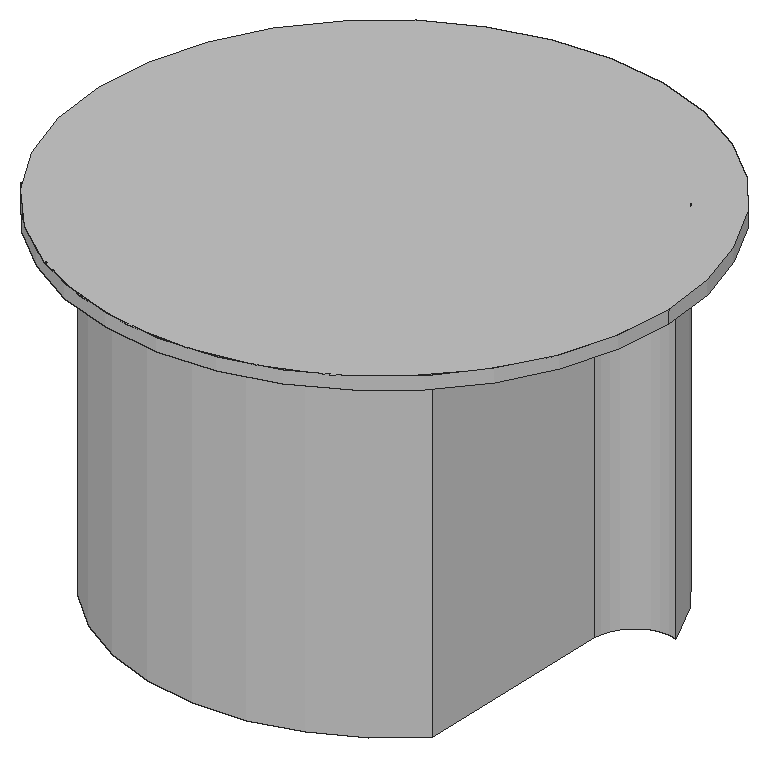
Revit family "Electronics_Desono_Biamp_Ceiling-Loudspeaker_CM30DTD", category Communication Devices, host Face, Revit 2020
Family settings
  Host = Face
  Maintain Annotation Orientation = No
  Round Connector Dimension = Use Diameter
  Part Type = Normal
  OmniClass Number = 23.85.10.11.14.14.14
  OmniClass Title = Loudspeakers
  Cut with Voids When Loaded = No
  Shared = No
  Room Calculation Point = No
Parameters (values of type "CM30DTD")
  Weight = 5.50 lbf  # constant formula
  URL = "https://www.biamp.com/"
  Transformer = "70V: 30W, 15W, 7.5W, 3.75W, 1.75W; 100V: 30W, 15W, 7.5W, 3.75W"  # constant formula
  Transducers = "LF 1 x 4.25 (108 mm) polypropylene cone HF 1 x 1 (25 mm) soft dome"  # constant formula
  Tile Bridge [instance] = no
  Shipping Weight = 8.70 lbf  # constant formula
  Safety Features = "2 hang points"  # constant formula
  Recommended Amplifers = "50W - 100W @ 16Ω (28V - 40V)"  # constant formula
  Protection = "3-step self-resetting protection"  # constant formula
  Product data url = "https://www.bimobject.com/biamp/product/cm30dtd_desono-ceiling"
  Product Page URL = "https://www.biamp.com/products/product-families/desono/ceiling-loudspeakers#cm30dtd"
  Product Documentation Link = "https://downloads.biamp.com/assets/docs/default-source/data-sheets/biamp_data_sheet_desono_cm30dtd_oct21.pdf"
  Operating Range (-10dB) = "85 Hz to 22 kHz"  # constant formula
  Operating Mode = "Passive"  # constant formula
  Operating Environment = "Indoor"  # constant formula
  Nominal Sensitivity @ 1m = "1W - 87dB;2.83V - 83dB"  # constant formula
  Nominal Maximum SPL @ 1m = "Peak - 110dB; Continuous - 104dB"  # constant formula
  Nominal Beamwidth  (H x V) = "120° conical"  # constant formula
  Nom ceiling thikness [instance] = if(or(Ceiling Thickness < 0' 0 1/4", Ceiling Thickness = 0' 0 1/4"), 0' 0 1/4", if(and(Ceiling Thickness > 0' 0 1/4", Ceiling Thickness < 0' 5"), Ceiling Thickness, if(or(Ceiling Thickness > 0' 5", Ceiling Thickness = 0' 5"), 0' 5", 0' 0")))  # 0' - 0 1/4"
  Mounting Provisions = "2 mounting clamps with grip range of 0.2 - 2.6 (3 - 65 mm);Cover plate with 0.75 (22 mm) NPT knockout for conduit connectors"  # constant formula
  Model = "CM30DTD"  # constant formula
  Manufacturer = "Biamp"  # constant formula
  Input Connection = "(1) 4-way Euroblock connector with permanent pass-through"  # constant formula
  Housing Material = Biamp - Plastic - Gray
  Grill Material = Biamp - Plastic - Gray(Grid)
  Diameter = 0' - 8.77953"  # constant formula
  Description = "Desono™ CM30DTD Two-Way 4.25 Ceiling Loudspeaker"  # constant formula
  Depth = 0' - 3.30709"  # constant formula
  Default Elevation = 4' - 0"
  Cutout Diameter = "7.6 (193 mm)"  # constant formula
  Continuous Power Handling Nominal Impedance = "28V 50W @ 16Ω (200W peak)"  # constant formula
  Connector Description = "4-way Euroblock; Low impedance 16 ohms, 70/100V operation"  # constant formula
  Compliance = "ETL listed to comply with UL 1480A and UL 2043;Certifed to CSA C22.2#62368-1;Suitable for use in air handling spaces per NFPA 70, NFPA 90;Conforms with City of Chicago Codes"  # constant formula
  Ceiling Thickness [instance] = 0' - 0 1/4"
Reference planes (in)
  plane 1 "Center (Front/Back)": y = 0
  plane 2: z = 0
  plane 3 "Center (Left/Right)": x = 0
Forms (in)
  Extrusion 1, solid, material "Biamp - Plastic - Gray(Grid)" <- "Grill Material"
    sketch origin (0, 0, 0) x (1, 0, 0) y (0, 1, 0)
      loop
        circle (0, 0) r 4.38976
    from 0 to 0.19685
  Extrusion 2, solid, material "Biamp - Plastic - Gray" <- "Housing Material", detail levels coarse
    sketch origin (0, 0, 0) x (1, 0, 0) y (0, 1, 0)
      loop
        circle (0, 0) r 3.79921
    from -5.15748 to 0
  Extrusion 3, void
    sketch origin (0, 0, 0) x (1, 0, 0) y (0, 1, 0)
      loop
        line (-0.98425, -0.29528) -> (0.98425, -0.29528) -> (0.98425, 0.29528) -> (-0.98425, 0.29528) -> (-0.98425, -0.29528)
    from -5.4038 to -5.09419
  Extrusion 4, void
    sketch origin (0, 0, 0) x (1, 0, 0) y (0, 1, 0)
      loop
        circle (0, 0) r 3.79921
    from -5.15748 to 0
  Extrusion 5, solid, material "Biamp - Plastic - Gray" <- "Housing Material", detail levels medium+fine
    sketch origin (0, 0, 0) x (1, 0, 0) y (0, 1, 0)
      loop
        arc (3.56434, 1.16746) -> (0.74661, 3.57749) -> (-2.78224, 2.43948) r 3.79921
        line (-2.78224, 2.43948) -> (-2.78224, -0.56249)
        arc (-2.78224, -0.56249) -> (-3.01111, -1.04594) -> (-3.53011, -1.17533) r 0.62503
        arc (-3.53011, -1.17533) -> (-0.75395, -3.61492) -> (2.78224, -2.54063) r 3.79921
        line (2.78224, -2.54063) -> (2.78224, 0.56249)
        arc (2.78224, 0.56249) -> (3.02485, 1.05688) -> (3.56434, 1.16746) r 0.62503
    from -5.15748 to 0
Cuts and joins
  Extrusion 3 cuts Extrusion 1
  Extrusion 3 cuts Extrusion 2
  Extrusion 3 cuts Extrusion 5
Lines and regions (in)
  Masking region 1
    outline origin (0, 0, 0) x (1, 0, 0) y (0, 1, 0)
      loop
        circle (0, 0) r 4.38976
  Masking region 2
    outline origin (0, 0, 0) x (1, 0, 0) y (0, 0, 1)
      loop
        line (-4.38976, 0.19685) -> (-4.38976, 0) -> (4.38976, 0) -> (4.38976, 0.19685) -> (-4.38976, 0.19685)
  Masking region 3
    outline origin (0, 0, 0) x (1, 0, 0) y (0, 0, 1)
      loop
        line (-3.79921, 0) -> (-3.79921, -5.15748) -> (3.79921, -5.15748) -> (3.79921, 0) -> (-3.79921, 0)
  reference lines
    curve 1: line (-59.11543, 0, -0.25) -> (-43.11543, 0, -0.25)
Dimensions and locks (in)
  "Nom ceiling thikness": plane 2 to curve 1
  aligned and locked: plane 2 to host face
  aligned and locked: level to host face
Automatic sketch dimensions
  host sketch curve to host sketch curve = 8' - 0"  (x2)
  plane 1 "Center (Front/Back)" to Extrusion 1 sketch curve = 0' - 0"
  Extrusion 1 sketch curve to plane 3 "Center (Left/Right)" = 0' - 0"
  plane 1 "Center (Front/Back)" to Extrusion 2 sketch curve = 0' - 0"
  Extrusion 2 sketch curve to plane 3 "Center (Left/Right)" = 0' - 0"
  Extrusion 3 sketch curve to plane 1 "Center (Front/Back)" = 0' - 0.29528"
  Extrusion 3 sketch curve to plane 3 "Center (Left/Right)" = 0' - 0.98425"
  plane 3 "Center (Left/Right)" to Extrusion 3 sketch curve = 0' - 0.98425"
  plane 1 "Center (Front/Back)" to Extrusion 3 sketch curve = 0' - 0.29528"
  plane 1 "Center (Front/Back)" to Extrusion 4 sketch curve = 0' - 0"
  Extrusion 4 sketch curve to plane 3 "Center (Left/Right)" = 0' - 0"
  Extrusion 5 sketch curve to plane 3 "Center (Left/Right)" = 0' - 0"
  Extrusion 5 sketch curve to plane 3 "Center (Left/Right)" = 0' - 2.78224"
  Extrusion 5 sketch curve to Extrusion 5 sketch curve = 0' - 0.62503"  (x2)
  plane 3 "Center (Left/Right)" to Extrusion 5 sketch curve = 0' - 0.04921"
  Extrusion 5 sketch curve to plane 1 "Center (Front/Back)" = 0' - 0 9/16"
  Extrusion 5 sketch curve to Extrusion 5 sketch curve = 0' - 2.73302"
  Extrusion 5 sketch curve to plane 1 "Center (Front/Back)" = 0' - 0.09843"
  plane 1 "Center (Front/Back)" to Extrusion 5 sketch curve = 0' - 0.14764"
  plane 1 "Center (Front/Back)" to Extrusion 5 sketch curve = 0' - 0 9/16"
  plane 1 "Center (Front/Back)" to Extrusion 5 sketch curve = 0' - 2.54063"
  Extrusion 5 sketch curve to plane 1 "Center (Front/Back)" = 0' - 2.43948"
  plane 1 "Center (Front/Back)" to Masking region 1 sketch curve = 0' - 0"
  Masking region 1 sketch curve to plane 3 "Center (Left/Right)" = 0' - 0"
  Masking region 2 sketch curve to level = 0' - 0"
  Masking region 2 sketch curve to plane 3 "Center (Left/Right)" = 0' - 4.38976"
  plane 3 "Center (Left/Right)" to Masking region 2 sketch curve = 0' - 4.38976"
  Masking region 2 sketch curve to Masking region 2 sketch curve = 0' - 0.19685"
  Masking region 3 sketch curve to level = 0' - 0"
  Masking region 3 sketch curve to plane 3 "Center (Left/Right)" = 0' - 3.79921"
  plane 3 "Center (Left/Right)" to Masking region 3 sketch curve = 0' - 3.79921"
  Masking region 3 sketch curve to level = 0' - 5.15748"
  curve 1 to plane 3 "Center (Left/Right)" = 4' - 11.11543"
  curve 1 to curve 1 = 1' - 4"
  radius of Extrusion 1 sketch curve = 0' - 4.38976"
  radius of Extrusion 2 sketch curve = 0' - 3.79921"
  radius of Extrusion 4 sketch curve = 0' - 3.79921"
  radius of Masking region 1 sketch curve = 0' - 4.38976"
Nested families (in)
  nested 1: "Tile rail" at (-4.16895, 0, -0.25) x (1, 0, 0) z (0, 0, -1), visible <- "Tile Bridge", type "Tile rail"
    with Housing Material Biamp - Metal - Silver
  nested 2: "Tile rail" at (4.16895, 0, -0.25) x (1, 0, 0) z (0, 0, -1), visible <- "Tile Bridge", type "Tile rail"
    with Housing Material Biamp - Metal - Silver
  nested 3: "Tile rail spaser" at (0, 6.34252, -0.30906) x (0, -1, 0) z (0, 0, -1), visible <- "Tile Bridge", type "Tile rail spaser"
    with Housing Material Biamp - Metal - Silver
  nested 4: "Tile rail spaser" at (0, -6.34252, -0.30906) x (0, -1, 0) z (0, 0, -1), visible <- "Tile Bridge", type "Tile rail spaser"
    with Housing Material Biamp - Metal - Silver
Connectors (in)
  electrical at (0, 0, -5.09419), driven by "Connector Description"
    settings: on cut or joined group of Extrusion 2, Extrusion 3, index 1, voltage 0 V, apparent load 0 VA, apparent load phase1 0 VA, apparent load phase2 0 VA, apparent load phase3 0 VA, power factor 1, load classification "Other", number of poles 1, system type 5, power factor state 1, is connector primary yes, connector utility no, sub classification motor no, connector description "4-way Euroblock; Low impedance 16 ohms, 70/100V operation"
Definition of nested family "Tile rail"
  Parameters (values of type "Tile rail")
    Housing Material [instance] = none
    Height = 0' - 0"
    Default Elevation = 4' - 0"
  Reference planes (in)
    plane 1 "Center (Front/Back)": y = 0
    plane 2: z = 0
    plane 3 "Center (Left/Right)": x = 0
  Forms (in)
    Extrusion 1, solid, material <- "Housing Material"
      sketch origin (0, 0, 0) x (0, 1, 0) y (0, 0, 1)
        loop
          line (11.77165, 0) -> (11.77165, 1.24632)
          arc (11.77165, 1.24632) -> (11.78715, 1.28372) -> (11.82455, 1.29921) r 0.0529
          line (11.82455, 1.29921) -> (12.21564, 1.29921)
          arc (12.21564, 1.29921) -> (12.24968, 1.28511) -> (12.26378, 1.25107) r 0.04814
          line (12.26378, 1.25107) -> (12.26378, 1.05307) -> (12.34252, 1.05307) -> (12.34252, 1.32954)
          arc (12.34252, 1.32954) -> (12.32834, 1.36377) -> (12.29411, 1.37795) r 0.04841
          line (12.29411, 1.37795) -> (11.74385, 1.37795)
          arc (11.74385, 1.37795) -> (11.70783, 1.36303) -> (11.69291, 1.32702) r 0.05093
          line (11.69291, 1.32702) -> (11.69291, 0) -> (11.77165, 0)
        loop
          line (-11.77165, 0) -> (-11.69291, 0) -> (-11.69291, 1.32702)
          arc (-11.69291, 1.32702) -> (-11.70783, 1.36303) -> (-11.74385, 1.37795) r 0.05093
          line (-11.74385, 1.37795) -> (-12.29411, 1.37795)
          arc (-12.29411, 1.37795) -> (-12.32834, 1.36377) -> (-12.34252, 1.32954) r 0.04841
          line (-12.34252, 1.32954) -> (-12.34252, 1.05307) -> (-12.26378, 1.05307) -> (-12.26378, 1.25107)
          arc (-12.26378, 1.25107) -> (-12.24968, 1.28511) -> (-12.21564, 1.29921) r 0.04814
          line (-12.21564, 1.29921) -> (-11.82455, 1.29921)
          arc (-11.82455, 1.29921) -> (-11.78715, 1.28372) -> (-11.77165, 1.24632) r 0.0529
          line (-11.77165, 1.24632) -> (-11.77165, 0)
      from -0.7874 to 0.7874
    Extrusion 2, solid, material <- "Housing Material"
      sketch origin (0, 0, 0) x (1, 0, 0) y (0, 0, 1)
        loop
          line (-0.29925, 0) -> (0.29925, 0) -> (0.29925, 0.54352) -> (0.2402, 0.54352) -> (0.2402, 0.05906) -> (-0.2402, 0.05906) -> (-0.2402, 0.54352) -> (-0.29925, 0.54352) -> (-0.29925, 0)
      from -11.69291 to 11.69291
  Lines and regions (in)
    Masking region 1
      outline origin (0, 0, 0) x (1, 0, 0) y (0, 1, 0)
        loop
          line (-0.7874, 12.34252) -> (-0.7874, 11.69291) -> (0.7874, 11.69291) -> (0.7874, 12.34252) -> (-0.7874, 12.34252)
        loop
          line (-0.7874, -11.69291) -> (-0.7874, -12.34252) -> (0.7874, -12.34252) -> (0.7874, -11.69291) -> (-0.7874, -11.69291)
    Masking region 2
      outline origin (0, 0, 0) x (1, 0, 0) y (0, 1, 0)
        loop
          line (-0.29925, 11.69291) -> (-0.29925, -11.69291) -> (-0.2402, -11.69291) -> (-0.2402, 11.69291) -> (-0.29925, 11.69291)
        loop
          line (0.29925, 11.69291) -> (0.2402, 11.69291) -> (0.2402, -11.69291) -> (0.29925, -11.69291) -> (0.29925, 11.69291)
    Masking region 3
      outline origin (0, 0, 0) x (1, 0, 0) y (0, 1, 0)
        loop
          line (0.2402, -11.69291) -> (0.2402, 11.69291) -> (-0.2402, 11.69291) -> (-0.2402, -11.69291) -> (0.2402, -11.69291)
    Masking region 4
      outline origin (0, 0, 0) x (1, 0, 0) y (0, 0, 1)
        loop
          line (-0.7874, 1.37795) -> (-0.7874, 1.05307) -> (0.7874, 1.05307) -> (0.7874, 1.37795) -> (-0.7874, 1.37795)
    Masking region 5
      outline origin (0, 0, 0) x (1, 0, 0) y (0, 0, 1)
        loop
          line (-0.7874, 1.05307) -> (-0.7874, 0) -> (0.7874, 0) -> (0.7874, 1.05307) -> (-0.7874, 1.05307)
  Dimensions and locks (in)
    aligned and locked: level to plane 2
Definition of nested family "Tile rail spaser"
  Parameters (values of type "Tile rail spaser")
    Housing Material [instance] = none
    Height = 0' - 0"
    Default Elevation = 4' - 0"
  Reference planes (in)
    plane 1 "Center (Front/Back)": y = 0
    plane 2: z = 0
    plane 3 "Center (Left/Right)": x = 0
  Forms (in)
    Extrusion 1, solid, material <- "Housing Material"
      sketch origin (0, 0, 0) x (0, 1, 0) y (0, 0, 1)
        loop
          line (3.85262, 0) -> (3.83692, 0.4496)
          arc (3.83692, 0.4496) -> (3.8878, 0.50229) -> (3.93867, 0.4496) r 0.05091
          line (3.93867, 0.4496) -> (3.92297, 0) -> (4.12402, 0) -> (4.12402, 0.0315) -> (3.96347, 0.0315) -> (3.97801, 0.4479)
          arc (3.97801, 0.4479) -> (3.8878, 0.54132) -> (3.79758, 0.4479) r 0.09027
          line (3.79758, 0.4479) -> (3.81212, 0.0315) -> (-3.82443, 0.0315) -> (-3.80988, 0.4479)
          arc (-3.80988, 0.4479) -> (-3.9001, 0.54132) -> (-3.99031, 0.4479) r 0.09027
          line (-3.99031, 0.4479) -> (-3.97577, 0.0315) -> (-4.12402, 0.0315) -> (-4.12402, 0) -> (-3.93528, 0) -> (-3.95098, 0.4496)
          arc (-3.95098, 0.4496) -> (-3.9001, 0.50229) -> (-3.84922, 0.4496) r 0.05091
          line (-3.84922, 0.4496) -> (-3.86492, 0) -> (3.85262, 0)
      from -0.29528 to 0.29528
  Lines and regions (in)
    Masking region 1
      outline origin (0, 0, 0) x (1, 0, 0) y (0, 1, 0)
        loop
          line (-0.29528, 4.12402) -> (-0.29528, 3.97806) -> (0.29528, 3.97806) -> (0.29528, 4.12402) -> (-0.29528, 4.12402)
        loop
          line (-0.29528, 3.79753) -> (-0.29528, -3.80735) -> (0.29528, -3.80735) -> (0.29528, 3.79753) -> (-0.29528, 3.79753)
        loop
          line (-0.29528, -3.99037) -> (-0.29528, -4.12402) -> (0.29528, -4.12402) -> (0.29528, -3.99037) -> (-0.29528, -3.99037)
    Masking region 2
      outline origin (0, 0, 0) x (1, 0, 0) y (0, 1, 0)
        loop
          line (-0.29528, -3.80988) -> (-0.29528, -3.99031) -> (0.29528, -3.99031) -> (0.29528, -3.80988) -> (-0.29528, -3.80988)
        loop
          line (-0.29528, 3.97801) -> (-0.29528, 3.79753) -> (0.29528, 3.79753) -> (0.29528, 3.97801) -> (-0.29528, 3.97801)
    Masking region 3
      outline origin (0, 0, 0) x (1, 0, 0) y (0, 0, 1)
        loop
          line (-0.29528, 0.54132) -> (-0.29528, 0.0315) -> (0.29528, 0.0315) -> (0.29528, 0.54132) -> (-0.29528, 0.54132)
    Masking region 4
      outline origin (0, 0, 0) x (1, 0, 0) y (0, 0, 1)
        loop
          line (-0.29528, 0.0315) -> (-0.29528, 0) -> (0.29528, 0) -> (0.29528, 0.0315) -> (-0.29528, 0.0315)
  Dimensions and locks (in)
    aligned and locked: level to plane 2
